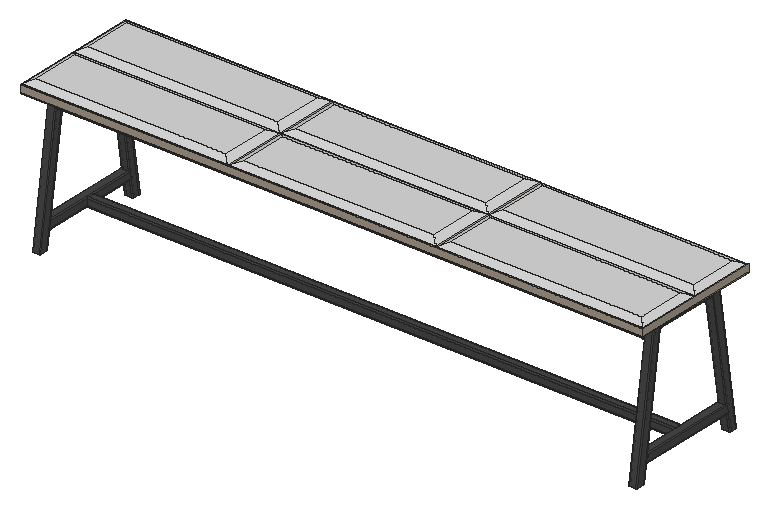
Revit family "DBLTD_TheSenatorGroup_OfficeChairs_Pinnacle", category Furniture, Revit 2022
Family settings
  OmniClass Number = 23.40.20.00
  OmniClass Title = General Furniture and Specialties
  Work Plane-Based = No
  Always vertical = Yes
  Cut with Voids When Loaded = No
  Render Appearance Source = Family Geometry
  Shared = Yes
  Room Calculation Point = No
Parameters (values of type "Upholstered Bench 1800mm Wide")
  WarrantyStartDate [instance] = " "
  WarrantyGuarantorParts = "https://www.thesenatorgroup.com/"
  WarrantyGuarantorLabor = "https://www.thesenatorgroup.com/"
  WarrantyDurationUnit = "years"
  WarrantyDurationParts = "5"
  WarrantyDurationLabor = "5"
  WarrantyDescription = "The Senator Group warrants that its manufactured products are free from manufacturing defects - in materials or workmanship - for a period of five (5) years."
  Version = "1"
  Uniclass2015Version = "Products v1.15"
  Uniclass2015Title = "Office chairs"
  Uniclass2015Code = "Pr_40_50_12_57"
  URL = "https://www.thesenatorgroup.com/"
  Type Comments = ModelReference  # "Upholstered Bench 1800mm Wide"
  TagNumber [instance] = " "
  SustainabilityPerformance = "n/a"
  Size = "1800 x 380 x 430 mm"
  Shape = "Rectangular"
  SerialNumber [instance] = " "
  SeatingSeatCushionMaterial [instance] = DBLTD_TheSenatorGroup_Fabric_Grey
  SeatingMaterial [instance] = DBLTD_TheSenatorGroup_Wood_StrataOak
  SeatingHeight = 430 mm
  SeatCushion = 600 mm
  Revision = ""
  ReplacementCost = "n/a"
  ProductInformation = "https://www.senator.online/en-gb/Ranges/pinnacle"
  NominalWidth = 1800 mm
  NominalHeight = 430 mm
  NominalDepth = 380 mm
  Name = "Chair"
  ModelReference = "Upholstered Bench 1800mm Wide"
  ModelNumber = "PINB18U"
  Model = ModelNumber  # "PINB18U"
  Material = "Frame: Steel. Top: 25mm MFC or Laminate"  # constant formula
  ManufacturerURL = "https://www.senator.online"
  ManufacturerName = "The Senator Group"
  Keynote = Category  # "Pr_40_50_12_57 Office chairs"
  InstallationDate [instance] = " "
  HasSeatCushion = yes
  Has3rdCushion = yes
  Grade = "n/a"
  FrameMaterial [instance] = DBLTD_TheSenatorGroup_Metal_Black
  Finish = "Frame; Black | White. Top; BH Beech | SO Strata Oak | UM Urban Maple | WH White | GRO Greige Castello Oak | DHI Dark Rockford Hickory | WK Winter Oak | LG Light Grey | TAG Taupe Grey | SLG Grey | COG Cobalt Grey | BLT Basalt | ABL Alba Blue | SGR Smoke Green | DSA Deep Sahara | PUW Premium White | PUB Premium Black"  # constant formula
  Features = "n/a"
  ExpectedLife = "5"
  DurationUnit = "years"
  Cost = 0
  Constituents = "Frame, Seat"  # constant formula
  Color = "Upholstery: Various."
  CodePerformance = "n/a"
  Category = "Pr_40_50_12_57 Office chairs"
  Manufacturer = ManufacturerName  # "The Senator Group"
  Description = ModelReference  # "Upholstered Bench 1800mm Wide"
  Default Elevation = 0 mm
  BarCode [instance] = " "
  Author = "Diane Butterworth Ltd"
  AssetType = "Movable"
  AssetIdentifier [instance] = " "
  Assembly Code = "E2020200"
  AccessibilityPerformance = "n/a"
Types (12, lengths in mm): name | Type Comments | Size | SeatingMaterial | SeatCushion | NominalWidth | ModelReference | ModelNumber | Model | HasSeatCushion | Has3rdCushion | Description
  Bench 800mm Wide | "Bench 800mm Wide" | "800 x 380 x 430 mm" | DBLTD_TheSenatorGroup_Wood_StrataOak | 400 | 800 | "Bench 800mm Wide" | "PINB08" | "PINB08" | no | no | "Bench 800mm Wide"
  Bench 1000mm Wide | "Bench 1000mm Wide" | "1000 x 380 x 430 mm" | DBLTD_TheSenatorGroup_Fabric_Yellow | 500 | 1000 | "Bench 1000mm Wide" | "PINB10" | "PINB10" | no | no | "Bench 1000mm Wide"
  Bench 1600mm Wide | "Bench 1600mm Wide" | "1600 x 380 x 430 mm" | DBLTD_TheSenatorGroup_Wood_StrataOak | 533.3 | 1600 | "Bench 1600mm Wide" | "PINB16" | "PINB16" | no | no | "Bench 1600mm Wide"
  Bench 1800mm Wide | "Bench 1800mm Wide" | "1800 x 380 x 430 mm" | DBLTD_TheSenatorGroup_Wood_StrataOak | 533.3 | 1800 | "Bench 1800mm Wide" | "PINB18" | "PINB18" | no | no | "Bench 1800mm Wide"
  Bench 2000mm Wide | "Bench 2000mm Wide" | "2000 x 380 x 430 mm" | DBLTD_TheSenatorGroup_Wood_StrataOak | 533.3 | 2000 | "Bench 2000mm Wide" | "PINB20" | "PINB20" | no | no | "Bench 2000mm Wide"
  Bench 2200mm Wide | "Bench 2200mm Wide" | "2200 x 380 x 430 mm" | DBLTD_TheSenatorGroup_Wood_StrataOak | 533.3 | 2200 | "Bench 2200mm Wide" | "PINB22" | "PINB22" | no | no | "Bench 2200mm Wide"
  Upholstered Bench 800mm Wide | "Upholstered Bench 800mm Wide" | "800 x 380 x 430 mm" | DBLTD_TheSenatorGroup_Wood_StrataOak | 400 | 800 | "Upholstered Bench 800mm Wide" | "PINB08U" | "PINB08U" | yes | no | "Upholstered Bench 800mm Wide"
  Upholstered Bench 1000mm Wide | "Upholstered Bench 1000mm Wide" | "1000 x 380 x 430 mm" | DBLTD_TheSenatorGroup_Wood_StrataOak | 500 | 1000 | "Upholstered Bench 1000mm Wide" | "PINB10U" | "PINB10U" | yes | no | "Upholstered Bench 1000mm Wide"
  Upholstered Bench 1600mm Wide | "Upholstered Bench 1600mm Wide" | "1600 x 380 x 430 mm" | DBLTD_TheSenatorGroup_Wood_StrataOak | 533.3 | 1600 | "Upholstered Bench 1600mm Wide" | "PINB16U" | "PINB16U" | yes | yes | "Upholstered Bench 1600mm Wide"
  Upholstered Bench 1800mm Wide | "Upholstered Bench 1800mm Wide" | "1800 x 380 x 430 mm" | DBLTD_TheSenatorGroup_Wood_StrataOak | 600 | 1800 | "Upholstered Bench 1800mm Wide" | "PINB18U" | "PINB18U" | yes | yes | "Upholstered Bench 1800mm Wide"
  Upholstered Bench 2000mm Wide | "Upholstered Bench 2000mm Wide" | "2000 x 380 x 430 mm" | DBLTD_TheSenatorGroup_Wood_StrataOak | 666.7 | 2000 | "Upholstered Bench 2000mm Wide" | "PINB20U" | "PINB20U" | yes | yes | "Upholstered Bench 2000mm Wide"
  Upholstered Bench 2200mm Wide | "Upholstered Bench 2200mm Wide" | "2200 x 380 x 430 mm" | DBLTD_TheSenatorGroup_Wood_StrataOak | 733.3 | 2200 | "Upholstered Bench 2200mm Wide" | "PINB22U" | "PINB22U" | yes | yes | "Upholstered Bench 2200mm Wide"
Reference planes
  plane 1 "Center (Front/Back)": y = 20.099
  plane 2: z = 0
  plane 3 "Center (Left/Right)": x = 0
  plane 4: z = 430
  plane 5: z = 430
  plane 6: y = 210.099
  plane 7: y = -169.901
  plane 8: x = -900
  plane 9: x = 900
  plane 10: x = -849.886
  plane 11: x = 849.886
  plane 12: x = -300
Forms (mm)
  Extrusion 1, solid, material "DBLTD_TheSenatorGroup_Wood_StrataOak" <- "SeatingMaterial"
    sketch origin (0, 0, 0) x (1, 0, 0) y (0, 1, 0)
      loop
        line (-900, 210.099) -> (-900, -169.901) -> (900, -169.901) -> (900, 210.099) -> (-900, 210.099)
    from 404.995 to 430
  Sweep 2, void
    path in 3D
      loop
        line (900, -169.901, 430) -> (900, 210.099, 430) -> (-900, 210.099, 430) -> (-900, -169.901, 430) -> (900, -169.901, 430)
    profile origin (0, -169.901, 430) x (0, 1, 0) y (0, 0, 1)
      loop
        line (0, 0) -> (0, -2) -> (2, 0) -> (0, 0)
      loop
        line (0, -25.005) -> (2, -25.005) -> (0, -23.005) -> (0, -25.005)
  Extrusion 3, solid, material "DBLTD_TheSenatorGroup_Metal_Black" <- "FrameMaterial"
    sketch origin (0, 0, 0) x (0, 1, 0) y (0, 0, 1)
      loop
        line (29.599, 75.002) -> (10.599, 75.002)
        arc (10.599, 75.002) -> (8.478, 74.123) -> (7.599, 72.002) r 3
        line (7.599, 72.002) -> (7.599, 53.002)
        arc (7.599, 53.002) -> (8.478, 50.881) -> (10.599, 50.002) r 3
        line (10.599, 50.002) -> (29.599, 50.002)
        arc (29.599, 50.002) -> (31.72, 50.881) -> (32.599, 53.002) r 3
        line (32.599, 53.002) -> (32.599, 72.002)
        arc (32.599, 72.002) -> (31.72, 74.123) -> (29.599, 75.002) r 3
      loop
        line (-75.033, 403.5) -> (-94.165, 403.5)
        arc (-94.165, 403.5) -> (-96.116, 402.779) -> (-97.129, 400.962) r 3
        line (-97.129, 400.962) -> (-103.708, 358.799)
        arc (-103.708, 358.799) -> (-103.17, 356.572) -> (-101.219, 355.374) r 3
        line (-101.219, 355.374) -> (-82.554, 352.379)
        arc (-82.554, 352.379) -> (-80.315, 352.914) -> (-79.115, 354.878) r 3
        line (-79.115, 354.878) -> (-72.069, 400.038)
        arc (-72.069, 400.038) -> (-72.754, 402.451) -> (-75.033, 403.5) r 3
      loop
        arc (115.23, 403.5) -> (112.951, 402.451) -> (112.266, 400.038) r 3
        line (112.266, 400.038) -> (119.312, 354.878)
        arc (119.312, 354.878) -> (120.513, 352.914) -> (122.752, 352.379) r 3
        line (122.752, 352.379) -> (141.417, 355.374)
        arc (141.417, 355.374) -> (143.368, 356.572) -> (143.905, 358.799) r 3
        line (143.905, 358.799) -> (137.327, 400.962)
        arc (137.327, 400.962) -> (136.313, 402.779) -> (134.362, 403.5) r 3
        line (134.362, 403.5) -> (115.23, 403.5)
    from -849.886 to 849.886
Cuts and joins
  Sweep 2 cuts Extrusion 1
Lines and regions (mm)
  sketch lines
    curve 1: line (-900, -169.901, 430) -> (900, -169.901, 430)
    curve 2: line (-900, 210.099, 430) -> (-900, -169.901, 430)
    curve 3: line (900, 210.099, 430) -> (-900, 210.099, 430)
    curve 4: line (900, -169.901, 430) -> (900, 210.099, 430)
Dimensions and locks
  "NominalHeight": plane 4 to level
  "SeatingHeight": plane 5 to level
  equal spacing: plane 6, plane 1 "Center (Front/Back)", plane 7
  "NominalDepth": plane 6 to plane 7
  equal spacing: plane 8, plane 3 "Center (Left/Right)", plane 9
  "NominalWidth": plane 8 to plane 9
  locked: plane 8 to plane 10 at 50.114
  locked: plane 9 to plane 11 at 50.114
  "SeatCushion": plane 8 to plane 12
  aligned and locked: level to plane 2
  aligned and locked: nested 1 to plane 9
  aligned and locked: Extrusion 1 sketch curve to plane 6
  aligned and locked: plane 8 to Extrusion 1 sketch curve
  aligned and locked: Extrusion 1 sketch curve to nested 1
  aligned and locked: Extrusion 1 sketch curve to plane 7
  aligned and locked: nested 2 to plane 8
  aligned and locked: Extrusion 3 to plane 10
  aligned and locked: Extrusion 3 to plane 11
  aligned and locked: nested 3 to plane 8
  aligned and locked: nested 4 to plane 9
  aligned and locked: nested 5 to plane 12
Automatic sketch dimensions
  Sweep 2 sketch curve to profile plane = 0 mm  (x3)
  Sweep 2 sketch curve to profile plane = 2 mm  (x3)
  Sweep 2 sketch curve to Sweep 2 sketch curve = 23.005 mm
  Sweep 2 sketch curve to Sweep 2 sketch curve = 2 mm
  Extrusion 3 sketch curve to plane 7 = 66.194 mm
  Extrusion 3 sketch curve to Extrusion 3 sketch curve = 2.489 mm
  Extrusion 3 sketch curve to Extrusion 3 sketch curve = 0.475 mm  (x4)
  Extrusion 3 sketch curve to plane 4 = 29.038 mm  (x2)
  Extrusion 3 sketch curve to Extrusion 3 sketch curve = 6.579 mm
  Extrusion 3 sketch curve to Extrusion 3 sketch curve = 2.964 mm  (x7)
  Extrusion 3 sketch curve to Extrusion 3 sketch curve = 18.665 mm  (x2)
  Extrusion 3 sketch curve to Extrusion 3 sketch curve = 19.132 mm  (x2)
  Extrusion 3 sketch curve to plane 4 = 29.962 mm  (x2)
  plane 1 "Center (Front/Back)" to Extrusion 3 sketch curve = 12.5 mm
  Extrusion 3 sketch curve to Extrusion 3 sketch curve = 3 mm  (x3)
  Extrusion 3 sketch curve to plane 1 "Center (Front/Back)" = 9.5 mm  (x2)
  Extrusion 3 sketch curve to plane 1 "Center (Front/Back)" = 92.167 mm
  Extrusion 3 sketch curve to Extrusion 3 sketch curve = 7.046 mm
  Extrusion 3 sketch curve to Extrusion 3 sketch curve = 42.164 mm  (x2)
  Extrusion 3 sketch curve to Extrusion 3 sketch curve = 0.462 mm  (x6)
  Extrusion 3 sketch curve to Extrusion 3 sketch curve = 2.996 mm  (x2)
  level to Extrusion 3 sketch curve = 75.002 mm
  Extrusion 3 sketch curve to Extrusion 3 sketch curve = 19 mm
Nested families
  nested 1: "Nested_DBLTD_TheSenatorGroup_OfficeChairs_Pinnacle_Leg" at (900, 20.099, 0), FrameMaterial <- "FrameMaterial", type "Feet"
    with FrameMaterial DBLTD_TheSenatorGroup_Metal_Black, Depth 750 mm
  nested 2: "Nested_DBLTD_TheSenatorGroup_OfficeChairs_Pinnacle_Leg" at (-900, 20.099, 0) x (-1, 0, 0) z (0, 0, 1), FrameMaterial <- "FrameMaterial", type "Feet"
    with FrameMaterial DBLTD_TheSenatorGroup_Metal_Black, Depth 750 mm
  nested 3: "Nested_DBLTD_TheSenatorGroup_OfficeChairs_Pinnacle_Cushion" at (-300, 20.099, 0) x (-1, 0, 0) z (0, 0, 1), SeatingSeatCushionMaterial <- "SeatingSeatCushionMaterial", Depth <- "SeatCushion", visible <- "HasSeatCushion", type "Castors"
    with SeatingSeatCushionMaterial DBLTD_TheSenatorGroup_Fabric_Grey, FrameMaterial none, Depth 600 mm
  nested 4: "Nested_DBLTD_TheSenatorGroup_OfficeChairs_Pinnacle_Cushion" at (300, 20.099, 0), SeatingSeatCushionMaterial <- "SeatingSeatCushionMaterial", Depth <- "SeatCushion", visible <- "Has3rdCushion", type "Castors"
    with SeatingSeatCushionMaterial DBLTD_TheSenatorGroup_Fabric_Grey, FrameMaterial none, Depth 600 mm
  nested 5: "Nested_DBLTD_TheSenatorGroup_OfficeChairs_Pinnacle_Cushion" at (300, 20.099, 0) x (-1, 0, 0) z (0, 0, 1), SeatingSeatCushionMaterial <- "SeatingSeatCushionMaterial", Depth <- "SeatCushion", visible <- "HasSeatCushion", type "Castors"
    with SeatingSeatCushionMaterial DBLTD_TheSenatorGroup_Fabric_Grey, FrameMaterial none, Depth 600 mm
Definition of nested family "Nested_DBLTD_TheSenatorGroup_OfficeChairs_Pinnacle_Leg"
  Parameters (values of type "Feet")
    HasFeet = yes
    HasCastors = yes
    FrameMaterial [instance] = none
    Depth [instance] = 900 mm
    Default Elevation = 0 mm
  Types (3, lengths in mm): name | HasFeet | Depth
    (no name) | yes | 900
    Castors | no | 750
    Feet | yes | 900
  Reference planes
    plane 1 "Center (Front/Back)": y = 0
    plane 2: z = 0
    plane 3 "Center (Left/Right)": x = 0
  Forms (mm)
    Extrusion 1, solid, material <- "FrameMaterial", visible <- "HasFeet"
      sketch origin (0, 0, -19.988) x (1, 0, 0) y (0, 0, 1)
        loop
          line (-50.114, 91.988) -> (-50.114, 72.988)
          arc (-50.114, 72.988) -> (-49.235, 70.866) -> (-47.114, 69.988) r 3
          line (-47.114, 69.988) -> (-28.114, 69.988)
          arc (-28.114, 69.988) -> (-25.993, 70.866) -> (-25.114, 72.988) r 3
          line (-25.114, 72.988) -> (-25.114, 91.988)
          arc (-25.114, 91.988) -> (-25.993, 94.109) -> (-28.114, 94.988) r 3
          line (-28.114, 94.988) -> (-47.114, 94.988)
          arc (-47.114, 94.988) -> (-49.235, 94.109) -> (-50.114, 91.988) r 3
        loop
          line (-50.114, 420.488) -> (-50.114, 401.488)
          arc (-50.114, 401.488) -> (-49.235, 399.366) -> (-47.114, 398.488) r 3
          line (-47.114, 398.488) -> (-28.114, 398.488)
          arc (-28.114, 398.488) -> (-25.993, 399.366) -> (-25.114, 401.488) r 3
          line (-25.114, 401.488) -> (-25.114, 420.488)
          arc (-25.114, 420.488) -> (-25.993, 422.609) -> (-28.114, 423.488) r 3
          line (-28.114, 423.488) -> (-47.114, 423.488)
          arc (-47.114, 423.488) -> (-49.235, 422.609) -> (-50.114, 420.488) r 3
      from -200.991 to 168.52
    Extrusion 2, void
      sketch origin (0, 0, 0) x (0, 1, 0) y (0, 0, 1)
        loop
          line (73.452, 520) -> (154.587, 0) -> (260, 0) -> (260, 520) -> (73.452, 520)
        loop
          line (-73.452, 520) -> (-260, 520) -> (-260, 0) -> (-154.587, 0) -> (-73.452, 520)
      from -141.028 to 250
    Sweep 3, solid, material <- "FrameMaterial"
      path origin (0, -263.232, 0) x (0, 1, 0) y (0, 0, 1)
        loop
          line (448.121, 0) -> (378.449, 446.532)
      profile origin (0, 150.053, 223.266) x (0, -0.988045, -0.154163) y (1, 0, 0)
        loop
          line (4.94, -28.114) -> (4.94, -47.114)
          arc (4.94, -47.114) -> (5.819, -49.235) -> (7.94, -50.114) r 3
          line (7.94, -50.114) -> (26.94, -50.114)
          arc (26.94, -50.114) -> (29.062, -49.235) -> (29.94, -47.114) r 3
          line (29.94, -47.114) -> (29.94, -28.114)
          arc (29.94, -28.114) -> (29.062, -25.993) -> (26.94, -25.114) r 3
          line (26.94, -25.114) -> (7.94, -25.114)
          arc (7.94, -25.114) -> (5.819, -25.993) -> (4.94, -28.114) r 3
    Sweep 4, solid, material <- "FrameMaterial"
      path origin (0, 263.232, 0) x (0, -1, 0) y (0, 0, -1)
        loop
          line (448.121, 0) -> (378.449, -446.532)
      profile origin (0, -150.053, 223.266) x (0, -0.988045, 0.154163) y (1, 0, 0)
        loop
          arc (-4.94, -28.114) -> (-5.819, -25.993) -> (-7.94, -25.114) r 3
          line (-7.94, -25.114) -> (-26.94, -25.114)
          arc (-26.94, -25.114) -> (-29.062, -25.993) -> (-29.94, -28.114) r 3
          line (-29.94, -28.114) -> (-29.94, -47.114)
          arc (-29.94, -47.114) -> (-29.062, -49.235) -> (-26.94, -50.114) r 3
          line (-26.94, -50.114) -> (-7.94, -50.114)
          arc (-7.94, -50.114) -> (-5.819, -49.235) -> (-4.94, -47.114) r 3
          line (-4.94, -47.114) -> (-4.94, -28.114)
    Extrusion 5, void
      sketch origin (0, 0, 0) x (0, 1, 0) y (0, 0, 1)
        loop
          line (146.111, 448.5) -> (-127.378, 448.5) -> (-127.378, 403.5) -> (146.111, 403.5) -> (146.111, 448.5)
        loop
          line (186.591, 0) -> (-198.409, 0) -> (-198.409, -65) -> (186.591, -65) -> (186.591, 0)
      from -70 to 0
  Cuts and joins
    Extrusion 2 cuts Extrusion 1
    Extrusion 5 cuts Sweep 3
    Extrusion 5 cuts Sweep 4
  Dimensions and locks
    aligned and locked: level to plane 2
Definition of nested family "Nested_DBLTD_TheSenatorGroup_OfficeChairs_Pinnacle_Cushion"
  Parameters (values of type "Feet")
    SeatingSeatCushionMaterial [instance] = none
    SeatCushion = 400 mm
    HasFeet = yes
    HasCastors = yes
    FrameMaterial [instance] = none
    Depth [instance] = 900 mm
    Default Elevation = 0 mm
  Types (3, lengths in mm): name | SeatCushion | HasFeet | Depth
    (no name) | 400 | yes | 900
    Castors | 533.3 | no | 750
    Feet | 400 | yes | 900
  Reference planes
    plane 1 "Center (Front/Back)": y = 0
    plane 2: z = 0
    plane 3 "Center (Left/Right)": x = 0
    plane 4: x = 900
  Forms (mm)
    Extrusion 1, solid, material <- "SeatingSeatCushionMaterial"
      sketch origin (533.3, -20.099, 0) x (1, 0, 0) y (0, 1, 0)
        loop
          line (-533.3, 210.099) -> (-533.3, -169.901) -> (366.7, -169.901) -> (366.7, 210.099) -> (-533.3, 210.099)
      from 430 to 440
    Sweep 2, void
      path in 3D
        loop
          line (0, 190, 440) -> (0, -190, 440) -> (900, -190, 440) -> (900, 190, 440) -> (0, 190, 440)
      profile origin (450, 190, 440) x (0, -1, 0) y (0, 0, 1)
        loop
          line (0, -10) -> (2, -10) -> (25, 0) -> (0, 0) -> (0, -10)
    Extrusion 3, void
      sketch origin (0, 0, 0) x (0, 1, 0) y (0, 0, 1)
        loop
          line (23, 440) -> (-23, 440) -> (0, 430) -> (23, 440)
      from 0 to 900
  Cuts and joins
    Sweep 2, Extrusion 3 cuts Extrusion 1
  Lines and regions (mm)
    sketch lines
      curve 1: line (900, 190, 440) -> (0, 190, 440)
      curve 2: line (0, 190, 440) -> (0, -190, 440)
      curve 3: line (0, -190, 440) -> (900, -190, 440)
      curve 4: line (900, -190, 440) -> (900, 190, 440)
  Dimensions and locks
    "Depth": plane 3 "Center (Left/Right)" to plane 4
    aligned and locked: level to plane 2
    aligned and locked: plane 4 to Extrusion 1
    aligned and locked: plane 3 "Center (Left/Right)" to Extrusion 1 sketch curve
    aligned and locked: plane 4 to cut or joined group of Extrusion 1, Sweep 2, Extrusion 3
  Automatic sketch dimensions
    Sweep 2 sketch curve to profile plane = 0 mm  (x2)
    Sweep 2 sketch curve to profile plane = 2 mm
    Sweep 2 sketch curve to profile plane = 25 mm
    Sweep 2 sketch curve to profile plane = 10 mm
    plane 1 "Center (Front/Back)" to Extrusion 3 sketch curve = 0 mm
    level to Extrusion 3 sketch curve = 430 mm
    plane 1 "Center (Front/Back)" to Extrusion 3 sketch curve = 23 mm
    Extrusion 3 sketch curve to plane 1 "Center (Front/Back)" = 23 mm
    Extrusion 3 sketch curve to Extrusion 3 sketch curve = 10 mm
    Extrusion 1 sketch curve to plane 4 = 0 mm
    plane 1 "Center (Front/Back)" to Extrusion 1 sketch curve = 190 mm
    Extrusion 1 sketch curve to plane 1 "Center (Front/Back)" = 190 mm
